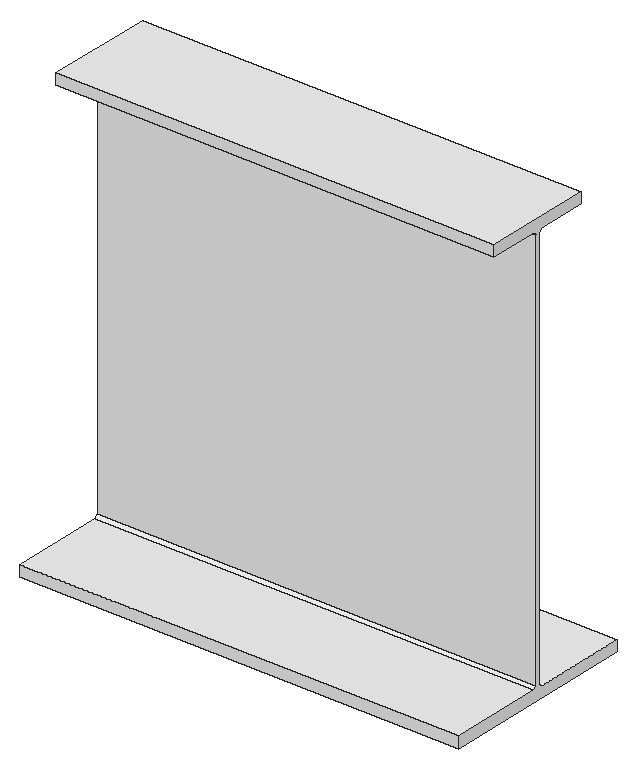
Revit family "M_FRS-Flange reduzida soldada", category Quadro estrutural, Revit 2019
Family settings
  Arredondamento do comprimento do framing estrutural = 0 mm
  Forma do corte = Não definido
  Material para o comportamento do modelo = Aço
  Exportar sempre como geometria = Não
  Número OmniClass = 23.25.30.11.14.14
  Título OmniClass = Beams
  ID de item do Seek = WRF-Welded Reduced Flange-0000-CAN-ENU
  Sempre na vertical = Sim
  Corte com vazios quando carregada = Não
  Representação simbólica = Das configurações de projeto
  Compartilhado = Não
  Exibir o pré-corte da família na vista da planta = Sim
Parameters (values of type "WRF1200x309")
  bf_t = 300 mm
  W = 3.03
  Structural Material [instance] = Aço, 45-345
  Assembly Code = ""
  Length [instance] = 1524 mm
  bf_b = 550 mm
  d = 1200 mm
  k = 14 mm
  tf = 30 mm
  tw = 12 mm
  A = 0.039 m²
Reference planes
  plane 1 "Centro (Frente/Trás)": y = 0
  plane 2: z = 0
  plane 3 "Centro (Esquerda/Direita)": x = 4.61
  plane 4 "Membro esquerdo": x = -604.99
  plane 5 "Membro direito": x = 614.21
  plane 6: y = 275
  plane 7: y = -275
  plane 8 "Superior": z = 600
  plane 9: z = -600
  plane 10 "Esquerda": x = -757.39
  plane 11 "Direita": x = 766.61
Forms (mm)
  Sweep 1, solid, material "Aço, 45-345" <- "Structural Material", detail levels medium
    path origin (0, 0, 0) x (1, 0, 0) y (0, 1, 0)
      loop
        line (614.21, 0) -> (-604.99, 0)
    profile "M_WRF-Flange extensa-Perfil-Médio : M_WRF-Flange extensa-Perfil-Médio" origin (4.61, 0, 0) x (0, -1, 0) y (0, 0, 1)
      loop
        line (-275, -600) -> (275, -600) -> (275, -570) -> (6, -570) -> (6, 570) -> (150, 570) -> (150, 600) -> (-150, 600) -> (-150, 570) -> (-6, 570) -> (-6, -570) -> (-275, -570) -> (-275, -600)
  Sweep 2, solid, material "Aço, 45-345" <- "Structural Material", detail levels fine
    path origin (0, 0, 0) x (1, 0, 0) y (0, 1, 0)
      loop
        line (614.21, 0) -> (-604.99, 0)
    profile "M_WRF-Flange extensa-Perfil-Alto : M_WRF-Flange extensa-Perfil-Alto" origin (4.61, 0, 0) x (0, -1, 0) y (0, 0, 1)
      loop
        line (-275, -600) -> (275, -600) -> (275, -570) -> (14, -570) -> (6, -562) -> (6, 562) -> (14, 570) -> (150, 570) -> (150, 600) -> (-150, 600) -> (-150, 570) -> (-14, 570) -> (-6, 562) -> (-6, -562) -> (-14, -570) -> (-275, -570) -> (-275, -600)
Lines and regions (mm)
  symbolic lines, style "Faces ocultas", detail levels medium+fine
    curve 1: line (614.21, -6, 0) -> (-604.99, -6, 0)
    curve 2: line (614.21, 6, 0) -> (-604.99, 6, 0)
  symbolic lines, style "Símbolos de vara", detail levels coarse
    curve 3: line (4.61, 150, 600) -> (4.61, -150, 600)
    curve 4: line (4.61, -275, -600) -> (4.61, 275, -600)
    curve 5: line (4.61, 0, 600) -> (4.61, 0, -600)
Dimensions and locks
  "bf_b": plane 6 to plane 7
  "d": plane 9 to plane 8 "Superior"
  equal spacing: plane 9, plane 2, plane 8 "Superior"
  equal spacing: plane 6, plane 1 "Centro (Frente/Trás)", plane 7
  "Length": plane 10 "Esquerda" to plane 11 "Direita"
  "tw": curve 2 to curve 1
  equal spacing: curve 2, plane 1 "Centro (Frente/Trás)", curve 1
  aligned and locked: Sweep 1 sketch curve to plane 1 "Centro (Frente/Trás)"
  aligned and locked: Sweep 2 sketch curve to plane 1 "Centro (Frente/Trás)"
  aligned and locked: Sweep 2 to curve 3  (x2)
  aligned and locked: Sweep 2 to curve 4  (x2)
  aligned and locked: curve 3 to Sweep 2
  aligned and locked: curve 4 to Sweep 2
  aligned and locked: plane 4 "Membro esquerdo" to Sweep 2 sketch curve
  aligned and locked: plane 5 "Membro direito" to Sweep 2 sketch curve
  aligned and locked: plane 4 "Membro esquerdo" to Sweep 1 sketch curve
  aligned and locked: plane 5 "Membro direito" to Sweep 1 sketch curve
  aligned and locked: plane 4 "Membro esquerdo" to curve 1
  aligned and locked: plane 4 "Membro esquerdo" to curve 2
  aligned and locked: plane 5 "Membro direito" to curve 1
  aligned and locked: plane 5 "Membro direito" to curve 2
Automatic sketch dimensions
  curve 5 to plane 1 "Centro (Frente/Trás)" = 0 mm
Types in the file's own list only (14): name | W | d | k | tf | tw | A
  WRF1800x543 | 5.33 | 1800 mm | 19 mm | 45 mm | 18 mm | 0.07 m²
  WRF1800x480 | 4.7 | 1800 mm | 19 mm | 35 mm | 18 mm | 0.06 m²
  WRF1800x416 | 4.07 | 1800 mm | 19 mm | 25 mm | 18 mm | 0.05 m²
  WRF1600x491 | 4.81 | 1600 mm | 16 mm | 45 mm | 16 mm | 0.06 m²
  WRF1600x427 | 4.18 | 1600 mm | 16 mm | 35 mm | 16 mm | 0.05 m²
  WRF1600x362 | 3.55 | 1600 mm | 16 mm | 25 mm | 16 mm | 0.05 m²
  WRF1400x413 | 4.05 | 1400 mm | 15 mm | 40 mm | 14 mm | 0.05 m²
  WRF1400x348 | 3.42 | 1400 mm | 15 mm | 30 mm | 14 mm | 0.04 m²
  WRF1400x284 | 2.78 | 1400 mm | 15 mm | 20 mm | 14 mm | 0.04 m²
  WRF1200x373 | 3.66 | 1200 mm | 14 mm | 40 mm | 12 mm | 0.05 m²
  WRF1200x244 | 2.39 | 1200 mm | 14 mm | 20 mm | 12 mm | 0.03 m²
  WRF1000x340 | 3.34 | 1000 mm | 13 mm | 40 mm | 10 mm | 0.04 m²
  WRF1000x275 | 2.7 | 1000 mm | 13 mm | 30 mm | 10 mm | 0.04 m²
  WRF1000x210 | 2.06 | 1000 mm | 13 mm | 20 mm | 10 mm | 0.03 m²
